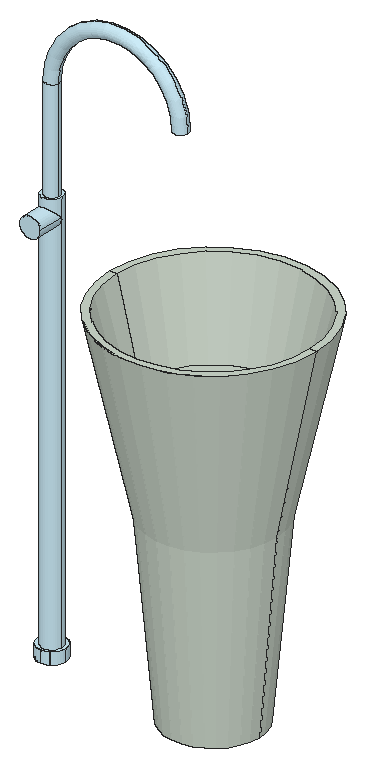
Revit family "Lavabo bagno - Con colonna - Conico a fiore", category Apparecchi idraulici, Revit 2012
Parameters (values of type "L 170 H 55 P 120")
  Rubinetteria = Rubinetteria
  Raggio lavabo = 0.5 * Larghezza  # 248.7 mm
  Metà larghezza = 0.5 * Larghezza  # 248.7 mm
  Profondità = Larghezza  # 497.4 mm
  Manufacturer = ""
  Lavabi = Lavabi
  Larghezza = 497.4 mm
  Altezza = 800 mm
  Raggio base = 0.8 * Raggio lavabo  # 198.96 mm
Reference planes
  plane 1: z = 0
  plane 2: z = 800
  plane 3: y = 621.59
  plane 4: z = 580.205
  plane 5: z = 0
  plane 6: y = 562.29
  plane 7: x = 260
  plane 8: x = -89.966
  plane 9: z = 900
  plane 10: z = 860
  plane 11: z = 1120
  plane 12: x = 11.3
  plane 13: x = 24.27
  plane 14: x = 29.444
  plane 15: x = 40
  plane 16: y = 870.29
  plane 17: y = 372.89
  plane 18: x = -120.445
  plane 19: x = 61.04
  plane 20: x = 81.04
  plane 21: x = 245
  plane 22: z = 620.053
  plane 23: z = 607.205
  plane 24: z = 600.205
Forms (mm)
  Sweep 1, solid, material "Rubinetteria" <- "Rubinetteria"
    path origin (30, 621.59, 0) x (1, 0, 0) y (0, 0, 1)
      loop
        line (-119.966, 900) -> (-119.966, 1120)
        arc (-119.966, 1120) -> (20.034, 1260) -> (160.034, 1120) r 140
    profile origin (-89.966, 621.59, 1010) x (-1, 0, 0) y (0, -1, 0)
      loop
        circle (0, 0) r 15
  Extrusion 2, solid, material "Rubinetteria" <- "Rubinetteria"
    sketch origin (30, 0, 0) x (1, 0, 0) y (0, 1, 0)
      loop
        circle (-120.445, 621.59) r 30
    from 0 to 25
  Revolve 3, solid, material "Lavabi" <- "Lavabi"
    sketch origin (0, 621.59, 0) x (1, 0, 0) y (0, 0, 1)
      loop
        line (260, 600.205) -> (100.204, 600.205)
        arc (100.204, 600.205) -> (77.155, 696.983) -> (51.118, 793) r 3210.763
        line (51.118, 793) -> (35.506, 793)
        arc (35.506, 793) -> (122.75, 400.424) -> (160, 0) r 3195.763
        line (160, 0) -> (260, 0) -> (260, 600.205)
      axis (260, 793) -> (260, 0)
    angle from 0 to 360
  Sweep 4, solid, material "Rubinetteria" <- "Rubinetteria"
    path origin (30, 621.59, 0) x (1, 0, 0) y (0, 0, 1)
      loop
        line (-119.966, 25) -> (-119.966, 900)
    profile origin (-89.966, 621.59, 462.5) x (-1, 0, 0) y (0, -1, 0)
      loop
        circle (0, 0) r 22
  Extrusion 5, solid, material "Rubinetteria" <- "Rubinetteria"
    sketch origin (30, 0, 0) x (1, 0, 0) y (0, 1, 0)
      loop
        circle (-119.966, 621.59) r 30
    from 0 to 25
  Extrusion 6, solid, material "Rubinetteria" <- "Rubinetteria"
    sketch origin (-175, 495.803, 0) x (1, 0, 0) y (0, 1, 0)
      loop
        circle (435, 125.786) r 37
      loop
        circle (435, 125.786) r 25
      loop
        circle (435, 125.786) r 22
    from 0 to 615.625
  Extrusion 7, solid, material "Rubinetteria" <- "Rubinetteria"
    sketch origin (0, 559.99, 0) x (1, 0, 0) y (0, 0, 1)
      loop
        circle (-89.966, 860) r 22
    from -61.6 to -2.3
Dimensions and locks
  "Altezza": plane 2 to level
  locked: plane 2 to plane 4 at 219.795
  locked: plane 6 to plane 3 at 59.3
  locked: plane 9 to plane 2 at 100
  locked: plane 10 to plane 2 at 60
  locked: plane 11 to plane 2 at 320
  "Raggio lavabo": plane 12 to plane 7
  locked: plane 8 to plane 12 at 101.266
  "Larghezza": plane 16 to plane 17
  "Metà larghezza": plane 3 to plane 16
  locked: plane 18 to plane 12 at 131.745
  locked: plane 19 to plane 20 at 20
  "Raggio base": plane 19 to plane 7
  locked: plane 12 to plane 13 at 12.97
  locked: plane 14 to plane 12 at 18.144
  locked: plane 15 to plane 12 at 28.7
  locked: plane 7 to plane 21 at 15
  locked: plane 22 to plane 23 at 12.848
  locked: plane 2 to plane 23 at 192.795
  locked: plane 24 to plane 4 at 20
  angle Sweep 1 sketch curve to Sweep 1 sketch curve = 180.00°  (x2)
  aligned and locked: Extrusion 7 to plane 3
  aligned and locked: Extrusion 7 to plane 6
  aligned and locked: profile plane to Sweep 1 sketch curve  (x2)
  aligned and locked: plane 3 to Sweep 4 sketch curve
  aligned and locked: profile plane to Sweep 4 sketch curve
  aligned and locked: profile plane to plane 3
  aligned and locked: plane 3 to Extrusion 5 sketch curve
  aligned and locked: plane 8 to Extrusion 5 sketch curve
  aligned and locked: plane 8 to Extrusion 7 sketch curve
  aligned and locked: Sweep 4 to plane 9
  aligned and locked: Sweep 1 to plane 9
  aligned and locked: plane 11 to Sweep 1
  aligned and locked: plane 8 to Sweep 1 sketch curve
  aligned and locked: Sweep 1 sketch curve to Sweep 1 sketch curve
  aligned and locked: plane 11 to Sweep 1 sketch curve
  aligned and locked: plane 3 to Extrusion 6 sketch curve
  aligned and locked: plane 7 to Extrusion 6 sketch curve  (x3)
  aligned and locked: plane 18 to Extrusion 2
  aligned and locked: plane 7 to Revolve 3 sketch curve
  aligned and locked: plane 24 to Revolve 3
Automatic sketch dimensions
  Extrusion 2 sketch curve to plane 3 = 0 mm
  Sweep 1 sketch curve to plane 2 = 100 mm
  level to Sweep 4 sketch curve = 25 mm
  Sweep 4 sketch curve to plane 2 = 100 mm
  Extrusion 6 sketch curve to Extrusion 6 sketch curve = 0 mm  (x2)
  Extrusion 6 sketch curve to Extrusion 6 sketch curve = 12 mm
  Extrusion 6 sketch curve to Extrusion 6 sketch curve = 3 mm
  Extrusion 6 sketch curve to Extrusion 6 sketch curve = 22 mm
  Extrusion 7 sketch curve to plane 2 = 60 mm
  Sweep 1 sketch curve to Sweep 1 sketch curve = 140 mm
  Extrusion 2 sketch curve to plane 8 = 0.479 mm
  Sweep 4 sketch curve to plane 8 = 0 mm
  Revolve 3 sketch curve to Revolve 3 sketch curve = 0 mm  (x2)
  Revolve 3 sketch curve to plane 24 = 0 mm
  Revolve 3 sketch curve to level = 0 mm  (x2)
  Revolve 3 sketch curve to plane 7 = 0 mm
  Revolve 3 sketch curve to plane 2 = 0 mm
  Revolve 3 sketch curve to plane 20 = 78.96 mm
  Revolve 3 sketch curve to plane 20 = 19.164 mm
  plane 2 to Revolve 3 sketch curve = 7 mm
  Revolve 3 sketch curve to Revolve 3 sketch curve = 49.086 mm
  Revolve 3 sketch curve to plane 15 = 4.494 mm
  radius of Sweep 1 sketch curve = 15 mm
  radius of Extrusion 2 sketch curve = 30 mm
  radius of Sweep 4 sketch curve = 22 mm
  radius of Extrusion 5 sketch curve = 30 mm
  radius of Extrusion 7 sketch curve = 22 mm
